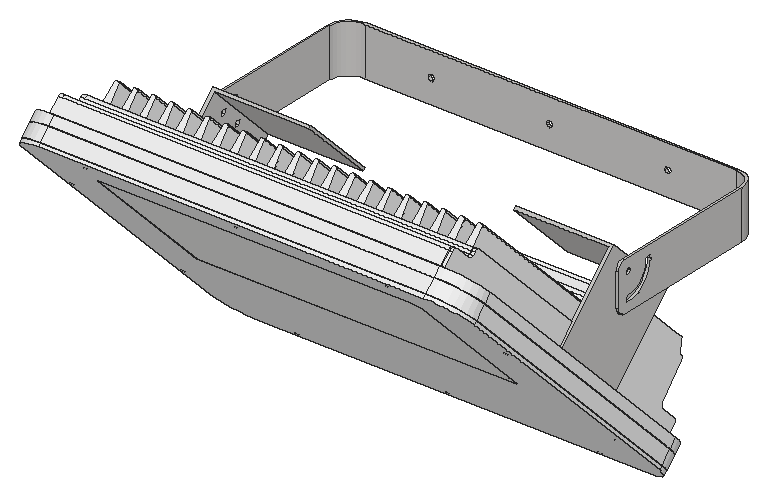
Revit family "FT ATEX LED MAX_2021", category Luminarias, Revit 2021 (continued)
Types (12, lengths in mm): name | Wattage | Power | Position | Archivo de red fotométrica | built-in parameter 1150142 | Modules | Lumens | built-in parameter 1150105 | built-in parameter 1150106 | Equiv MH
    \t10207.8202\t9675.1658\t9177.7653\t8731.0022\t8304.5369\t7905.42\t7503.9529\t7067.8728\r\n6569.404\t6002.9914\t5369.4895\t4778.0786\t4197.778\t3590.3426\t2999.7864\t2363.2933\t1661.8475\t962.752\r\n455.7368\t233.5304\t180.97\t156.6128\t144.6478\t132.2555\t121.9999\t113.0261\t104.4797\t97.2153\r\n92.0875\t86.9596\t80.5498\t74.781\t70.9351\t66.0209\t0\t0\t0\t0\r\n0\t0\t0\t0\t0\t0\t0\t0\t0\t0\r\n0\t0\t0\t0\t0\t0\t0\t0\t0\t0\r\n0\t0\t0\t0\t0\t0\t0\t0\t0\t0\r\n0\t0\t0\t0\t0\t0\t0\t0\t0\t0\r\n0\r\n12367.0681\t12414.5006\t12446.977\t12451.6775\t12406.3816\t12309.8072\t12182.4659\t12009.8286\t11784.4173\t11496.6173\r\n11144.0783\t10740.0472\t10238.5872\t9700.805\t9198.704\t8738.4803\t8313.9379\t7909.0522\t7511.2173\t7083.47\r\n6576.0275\t6003.4187\t5382.0954\t4804.3588\t4222.9899\t3615.5545\t3030.1261\t2387.6505\t1709.28\t1023.2177\r\n483.9399\t246.991\t187.3798\t160.0313\t146.1434\t133.1102\t121.1452\t113.8808\t104.6934\t97.8563\r\n92.5148\t87.1733\t80.9771\t75.2083\t70.7215\t68.5849\t0\t0\t0\t0\r\n0\t0\t0\t0\t0\t0\t0\t0\t0\t0\r\n0\t0\t0\t0\t0\t0\t0\t0\t0\t0\r\n0\t0\t0\t0\t0\t0\t0\t0\t0\t0\r\n0\t0\t0\t0\t0\t0\t0\t0\t0\t0\r\n0\r\n12374.5462\t12421.3378\t12451.6775\t12454.2414\t12407.6635\t12315.3624\t12195.2855\t12030.5536\t11815.398\t11524.6067\r\n11154.1203\t10740.0472\t10240.7238\t9690.5493\t9192.7215\t8731.6432\t8304.5369\t7904.779\t7503.9529\t7071.2914\r\n6571.1133\t5997.8635\t5385.514\t4792.6075\t4214.6572\t3596.9661\t3013.247\t2384.4456\t1724.6635\t1046.293\r\n493.3409\t258.7423\t193.3623\t163.8772\t148.7074\t134.8195\t123.9228\t116.0174\t106.4027\t99.3519\r\n94.0104\t88.6689\t82.9001\t77.3449\t73.2854\t70.0805\t0\t0\t0\t0\r\n0\t0\t0\t0\t0\t0\t0\t0\t0\t0\r\n0\t0\t0\t0\t0\t0\t0\t0\t0\t0\r\n0\t0\t0\t0\t0\t0\t0\t0\t0\t0\r\n0\t0\t0\t0\t0\t0\t0\t0\t0\t0\r\n0\r\n12369.2047\t12418.1329\t12444.8404\t12448.2589\t12406.8089\t12323.2678\t12201.9089\t12050.2103\t11844.0284\t11551.7416\r\n11179.3322\t10760.3449\t10270.6362\t9712.129\t9212.5919\t8754.2912\t8323.7663\t7924.2221\t7518.0544\t7089.2388\r\n6573.2499\t6006.8372\t5400.8975\t4812.6915\t4225.5538\t3613.2043\t3035.4676\t2415.4263\t1779.3605\t1111.4593\r\n535.8593\t276.0487\t202.5497\t169.0051\t152.7669\t137.3834\t130.1189\t118.3676\t107.2573\t100.2065\r\n94.865\t89.3099\t83.7547\t77.3449\t73.499\t70.9351\t0\t0\t0\t0\r\n0\t0\t0\t0\t0\t0\t0\t0\t0\t0\r\n0\t0\t0\t0\t0\t0\t0\t0\t0\t0\r\n0\t0\t0\t0\t0\t0\t0\t0\t0\t0\r\n0\t0\t0\t0\t0\t0\t0\t0\t0\t0\r\n0\r\n12368.5637\t12421.3378\t12442.4901\t12443.5584\t12399.7581\t12322.8405\t12205.1138\t12048.5011\t11840.3962\t11541.0586\r\n11168.0082\t10744.7477\t10260.5942\t9705.9328\t9207.0367\t8752.5819\t8328.4668\t7920.5899\t7508.6534\t7066.1635\r\n6555.5161\t5996.7952\t5395.1287\t4804.7861\t4217.4347\t3590.3426\t3027.1349\t2410.9394\t1769.7458\t1126.4155\r\n544.833\t281.1766\t207.6775\t172.6373\t155.5445\t142.5112\t139.9473\t119.4359\t108.9666\t102.5568\r\n96.5743\t90.5918\t85.2503\t79.0542\t74.781\t72.0034\t0\t0\t0\t0\r\n0\t0\t0\t0\t0\t0\t0\t0\t0\t0\r\n0\t0\t0\t0\t0\t0\t0\t0\t0\t0\r\n0\t0\t0\t0\t0\t0\t0\t0\t0\t0\r\n0\t0\t0\t0\t0\t0\t0\t0\t0\t0\r\n0\r\n12368.1364\t12422.8334\t12444.8404\t12443.3447\t12397.8352\t12326.4727\t12211.7373\t12057.2611\t11836.123\t11541.0586\r\n11171.6404\t10759.2766\t10273.2001\t9728.1535\t9228.4027\t8772.8796\t8348.3372\t7940.6739\t7522.7549\t7084.7519\r\n6564.2762\t6016.6656\t5415.8537\t4809.7003\t4238.1598\t3610.213\t3046.5779\t2437.8606\t1798.8035\t1154.1913\r\n573.4634\t288.2273\t210.6688\t174.7739\t157.4674\t144.0068\t142.0839\t119.0086\t107.471\t101.2748\r\n95.0787\t89.3099\t82.9001\t77.3449\t72.8581\t70.9351\t0\t0\t0\t0\r\n0\t0\t0\t0\t0\t0\t0\t0\t0\t0\r\n0\t0\t0\t0\t0\t0\t0\t0\t0\t0\r\n0\t0\t0\t0\t0\t0\t0\t0\t0\t0\r\n0\t0\t0\t0\t0\t0\t0\t0\t0\t0\r\n0\r\n12371.9823\t12425.8246\t12443.5584\t12435.4393\t12388.0068\t12314.7214\t12199.345\t12039.741\t11814.116\t11513.2828\r\n11140.8734\t10733.2101\t10245.638\t9707.8558\t9214.3012\t8760.701\t8338.2952\t7922.9401\t7504.8075\t7054.6259\r\n6551.0293\t6014.7427\t5405.8117\t4799.8719\t4210.1703\t3592.2656\t3022.007\t2419.9132\t1778.7195\t1137.0985\r\n562.5668\t273.6985\t205.9682\t173.2783\t155.3308\t142.5112\t136.1014\t114.5218\t104.4797\t98.7109\r\n92.5148\t86.9596\t80.9771\t75.8493\t71.1488\t68.5849\t0\t0\t0\t0\r\n0\t0\t0\t0\t0\t0\t0\t0\t0\t0\r\n0\t0\t0\t0\t0\t0\t0\t0\t0\t0\r\n0\t0\t0\t0\t0\t0\t0\t0\t0\t0\r\n0\t0\t0\t0\t0\t0\t0\t0\t0\t0\r\n0\r\n12371.7686\t12425.1836\t12446.977\t12430.7388\t12387.5795\t12316.0034\t12197.2084\t12038.2454\t11804.715\t11507.7276\r\n11139.8051\t10730.2189\t10251.1931\t9721.7437\t9227.1208\t8770.5293\t8351.7557\t7928.2816\t7511.6446\t7069.3684\r\n6558.5074\t6020.5115\t5421.1952\t4812.9052\t4221.7079\t3616.4092\t3038.2452\t2448.9709\t1807.7773\t1164.0197\r\n577.3093\t261.3062\t197.8492\t169.646\t151.6986\t136.5287\t123.7091\t107.6846\t98.4973\t93.1558\r\n87.8143\t82.6864\t77.3449\t71.7898\t67.5166\t66.0209\t0\t0\t0\t0\r\n0\t0\t0\t0\t0\t0\t0\t0\t0\t0\r\n0\t0\t0\t0\t0\t0\t0\t0\t0\t0\r\n0\t0\t0\t0\t0\t0\t0\t0\t0\t0\r\n0\t0\t0\t0\t0\t0\t0\t0\t0\t0\r\n0\r\n12369.8457\t12421.1241\t12441.4218\t12423.9017\t12376.2555\t12301.9018\t12180.3293\t12016.6657\t11778.4348\t11471.4054\r\n11107.5424\t10695.8196\t10223.4173\t9697.6001\t9205.7548\t8755.3595\t8331.8854\t7910.1205\t7485.5781\t7043.9429\r\n6551.8839\t6014.7427\t5401.5385\t4789.1889\t4194.3595\t3596.7524\t3014.5289\t2428.2459\t1787.4796\t1157.8235\r\n560.4302\t243.9997\t187.3798\t164.3045\t147.2117\t128.837\t111.3169\t101.4885\t95.2924\t90.3782\r\n85.8913\t81.1908\t76.2766\t70.9351\t66.4483\t63.8843\t0\t0\t0\t0\r\n0\t0\t0\t0\t0\t0\t0\t0\t0\t0\r\n0\t0\t0\t0\t0\t0\t0\t0\t0\t0\r\n0\t0\t0\t0\t0\t0\t0\t0\t0\t0\r\n0\t0\t0\t0\t0\t0\t0\t0\t0\t0\r\n0\r\n12369.632\t12421.3378\t12442.4901\t12427.3202\t12376.8965\t12301.9018\t12183.3205\t12018.5887\t11783.7763\t11471.4054\r\n11104.3375\t10694.1103\t10223.2037\t9701.0186\t9213.6602\t8761.1283\t8339.1498\t7920.1625\t7497.1157\t7062.9586\r\n6559.7893\t6026.0666\t5421.8362\t4802.2222\t4214.6572\t3616.8365\t3035.254\t2453.0305\t1810.7685\t1189.4452\r\n586.924\t241.2221\t183.3203\t161.7406\t145.2888\t125.4184\t106.6163\t98.7109\t93.1558\t88.4552\r\n84.182\t79.2679\t74.14\t68.7985\t65.38\t63.457\t0\t0\t0\t0\r\n0\t0\t0\t0\t0\t0\t0\t0\t0\t0\r\n0\t0\t0\t0\t0\t0\t0\t0\t0\t0\r\n0\t0\t0\t0\t0\t0\t0\t0\t0\t0\r\n0\t0\t0\t0\t0\t0\t0\t0\t0\t0\r\n0\r\n12370.0594\t12422.4061\t12444.8404\t12422.8334\t12370.4867\t12284.5954\t12170.2873\t12002.3505\t11767.1108\t11444.4842\r\n11071.8612\t10663.3433\t10177.6941\t9659.1413\t9177.5516\t8726.5154\t8313.2969\t7893.8824\t7468.699\t7034.1145\r\n6551.2429\t6011.3241\t5404.5297\t4787.9069\t4202.6922\t3605.7262\t3006.4099\t2426.5366\t1783.6337\t1171.7114\r\n579.4459\t239.9402\t182.252\t161.7406\t145.7161\t126.7004\t108.112\t99.5656\t93.7967\t89.0962\r\n84.6094\t79.9088\t74.781\t70.0805\t66.4483\t63.457\t0\t0\t0\t0\r\n0\t0\t0\t0\t0\t0\t0\t0\t0\t0\r\n0\t0\t0\t0\t0\t0\t0\t0\t0\t0\r\n0\t0\t0\t0\t0\t0\t0\t0\t0\t0\r\n0\t0\t0\t0\t0\t0\t0\t0\t0\t0\r\n0\r\n12369.2047\t12422.8334\t12445.9087\t12423.4744\t12362.7949\t12272.8441\t12162.3818\t11996.1544\t11754.5049\t11438.9291\r\n11059.0416\t10642.8319\t10159.3193\t9647.1763\t9166.014\t8725.8744\t8312.2286\t7899.0102\t7477.2454\t7040.9516\r\n6549.5336\t6015.5973\t5421.1952\t4806.2817\t4219.3577\t3611.2813\t3015.5972\t2437.8606\t1801.7948\t1190.2999\r\n607.2217\t250.6232\t186.7388\t163.4499\t146.9981\t131.8282\t113.6671\t102.7705\t94.865\t89.3099\r\n84.6094\t79.9088\t75.2083\t70.2941\t66.8756\t64.5253\t0\t0\t0\t0\r\n0\t0\t0\t0\t0\t0\t0\t0\t0\t0\r\n0\t0\t0\t0\t0\t0\t0\t0\t0\t0\r\n0\t0\t0\t0\t0\t0\t0\t0\t0\t0\r\n0\t0\t0\t0\t0\t0\t0\t0\t0\t0\r\n0\r\n12371.1277\t12424.7563\t12446.977\t12420.4831\t12350.83\t12258.9562\t12137.17\t11967.0966\t11722.0286\t11401.5386\r\n11019.0872\t10595.8267\t10102.6994\t9598.4618\t9127.3415\t8701.3035\t8291.0763\t7883.1994\t7458.8706\t7015.0988\r\n6539.4916\t6003.205\t5412.0078\t4810.5549\t4221.067\t3598.4617\t2995.5132\t2407.3072\t1766.9682\t1156.5416\r\n585.6421\t253.4008\t188.8754\t164.7319\t148.7074\t137.8107\t120.2906\t107.6846\t98.9246\t93.5831\r\n87.8143\t83.1137\t78.6269\t73.499\t69.6532\t67.7302\t0\t0\t0\t0\r\n0\t0\t0\t0\t0\t0\t0\t0\t0\t0\r\n0\t0\t0\t0\t0\t0\t0\t0\t0\t0\r\n0\t0\t0\t0\t0\t0\t0\t0\t0\t0\r\n0\t0\t0\t0\t0\t0\t0\t0\t0\t0\r\n0\r\n12364.9315\t12416.8509\t12440.1398\t12414.287\t12343.3519\t12242.9317\t12109.1805\t11936.9705\t11694.0391\t11377.1813\r\n11000.4988\t10572.5378\t10074.2827\t9580.5144\t9120.7181\t8695.5347\t8290.008\t7887.8999\t7466.9897\t7031.5506\r\n6535.0048\t6005.128\t5416.7083\t4819.1013\t4244.5696\t3622.3916\t3018.1612\t2418.6312\t1774.4463\t1143.5083\r\n581.5825\t258.9559\t191.653\t165.5865\t148.7074\t138.4517\t124.1365\t110.8895\t102.1295\t96.788\r\n90.8055\t85.6777\t80.7635\t75.2083\t71.1488\t70.7215\t0\t0\t0\t0\r\n0\t0\t0\t0\t0\t0\t0\t0\t0\t0\r\n0\t0\t0\t0\t0\t0\t0\t0\t0\t0\r\n0\t0\t0\t0\t0\t0\t0\t0\t0\t0\r\n0\t0\t0\t0\t0\t0\t0\t0\t0\t0\r\n0\r\n12370.0594\t12418.7738\t12437.7896\t12406.5952\t12330.1049\t12219.6427\t12072.431\t11890.3927\t11648.3159\t11331.4581\r\n10956.6985\t10522.5413\t10026.8501\t9545.6878\t9087.1735\t8670.3228\t8271.4196\t7868.2432\t7450.7515\t7017.8764\r\n6530.3042\t5996.1542\t5411.1532\t4823.1608\t4247.9881\t3620.0414\t3010.6831\t2391.2827\t1728.0821\t1081.3333\r\n541.4144\t251.6915\t189.0891\t163.8772\t147.6391\t139.0927\t126.7004\t112.8125\t104.6934\t99.7792\r\n93.7967\t88.6689\t83.5411\t77.7722\t73.499\t73.9264\t0\t0\t0\t0\r\n0\t0\t0\t0\t0\t0\t0\t0\t0\t0\r\n0\t0\t0\t0\t0\t0\t0\t0\t0\t0\r\n0\t0\t0\t0\t0\t0\t0\t0\t0\t0\r\n0\t0\t0\t0\t0\t0\t0\t0\t0\t0\r\n0\r\n12368.9911\t12414.5006\t12432.0208\t12397.8352\t12317.9263\t12196.1401\t12041.8776\t11853.4295\t11613.703\t11291.931\r\n10927.8544\t10500.5344\t10008.689\t9527.0994\t9077.7724\t8665.8359\t8264.5825\t7864.1836\t7461.0072\t7029.2003\r\n6539.0643\t6003.6323\t5430.1689\t4847.9454\t4281.3191\t3656.1499\t3039.3135\t2413.717\t1721.8859\t1055.0531\r\n529.6631\t254.2554\t189.9437\t163.0226\t146.1434\t134.1785\t127.1277\t112.5988\t104.9071\t99.5656\r\n93.3694\t87.8143\t82.4728\t77.1313\t72.0034\t74.14\t0\t0\t0\t0\r\n0\t0\t0\t0\t0\t0\t0\t0\t0\t0\r\n0\t0\t0\t0\t0\t0\t0\t0\t0\t0\r\n0\t0\t0\t0\t0\t0\t0\t0\t0\t0\r\n0\t0\t0\t0\t0\t0\t0\t0\t0\t0\r\n0\r\n12368.9911\t12409.5865\t12422.6197\t12385.4429\t12297.2013\t12167.7233\t12001.2822\t11804.5013\t11543.6225\t11233.6018\r\n10868.6705\t10446.692\t9965.3161\t9486.0767\t9042.7322\t8632.9323\t8235.7384\t7837.9034\t7432.3768\t7002.0655\r\n6536.2867\t6000.4274\t5425.8957\t4852.8596\t4272.9863\t3654.6543\t3037.8179\t2385.5139\t1674.4534\t989.4595\r\n493.3409\t252.5461\t188.2345\t160.4587\t144.6478\t131.8282\t125.8457\t112.8125\t105.3344\t99.7792\r\n93.5831\t88.2416\t82.6864\t77.3449\t72.8581\t72.4307\t0\t0\t0\t0\r\n0\t0\t0\t0\t0\t0\t0\t0\t0\t0\r\n0\t0\t0\t0\t0\t0\t0\t0\t0\t0\r\n0\t0\t0\t0\t0\t0\t0\t0\t0\t0\r\n0\t0\t0\t0\t0\t0\t0\t0\t0\t0\r\n0\r\n12370.273\t12412.364\t12416.6372\t12377.9648\t12284.5954\t12146.571\t11971.1561\t11764.5469\t11499.3949\t11193.6474\r\n10839.8264\t10420.8392\t9939.4632\t9476.462\t9032.6902\t8624.1722\t8231.8925\t7835.1259\t7425.5396\t7010.6119\r\n6536.2867\t6006.6236\t5440.2109\t4870.3797\t4293.0704\t3687.3443\t3074.9947\t2413.076\t1686.2047\t978.5628\r\n499.1098\t260.6652\t191.2257\t160.6723\t143.7932\t130.5463\t123.7091\t111.9578\t104.2661\t98.4973\r\n92.5148\t86.746\t80.7635\t75.2083\t70.2941\t70.9351\t0\t0\t0\t0\r\n0\t0\t0\t0\t0\t0\t0\t0\t0\t0\r\n0\t0\t0\t0\t0\t0\t0\t0\t0\t0\r\n0\t0\t0\t0\t0\t0\t0\t0\t0\t0\r\n0\t0\t0\t0\t0\t0\t0\t0\t0\t0\r\n0\r\n12368.9911\t12405.0996\t12404.0313\t12362.3676\t12262.1611\t12113.881\t11930.5607\t11715.8324\t11446.8345\t11139.5914\r\n10782.5656\t10354.8182\t9878.9974\t9429.6704\t8994.8723\t8586.9954\t8200.9118\t7800.0856\t7400.9687\t6987.323\r\n6528.1676\t5991.4537\t5429.5279\t4863.7562\t4289.2245\t3690.5492\t3065.38\t2409.2302\t1665.0524\t946.5138\r\n481.8033\t259.5969\t190.5847\t159.1767\t144.0068\t130.1189\t121.1452\t112.3852\t104.4797\t98.0699\r\n92.3011\t86.9596\t80.7635\t74.9947\t70.7215\t69.2258\t0\t0\t0\t0\r\n0\t0\t0\t0\t0\t0\t0\t0\t0\t0\r\n0\t0\t0\t0\t0\t0\t0\t0\t0\t0\r\n0\t0\t0\t0\t0\t0\t0\t0\t0\t0\r\n0\t0\t0\t0\t0\t0\t0\t0\t0\t0\r\n0\r\n12371.555\t12401.681\t12396.9805\t12349.9753\t12246.5639\t12095.9336\t11910.904\t11691.2615\t11420.9816\t11111.3883\r\n10750.9439\t10318.7097\t9844.8118\t9400.399\t8983.762\t8584.8588\t8194.7156\t7802.8632\t7404.3873\t6991.5962\r\n6518.5529\t5992.7357\t5437.4333\t4874.8666\t4319.3506\t3719.1796\t3101.7022\t2440.2109\t1710.3483\t984.5453\r\n493.3409\t266.2204\t192.935\t160.4587\t143.3659\t129.9053\t118.795\t112.1715\t103.6251\t97.8563\r\n91.6601\t86.105\t80.7635\t74.3537\t70.2941\t69.2258\t0\t0\t0\t0\r\n0\t0\t0\t0\t0\t0\t0\t0\t0\t0\r\n0\t0\t0\t0\t0\t0\t0\t0\t0\t0\r\n0\t0\t0\t0\t0\t0\t0\t0\t0\t0\r\n0\t0\t0\t0\t0\t0\t0\t0\t0\t0\r\n0\r\n12368.9911\t12395.6986\t12384.3746\t12332.0279\t12223.0613\t12066.2348\t11882.2736\t11662.4174\t11384.2321\t11057.7596\r\n10692.8284\t10241.1511\t9776.8679\t9346.7704\t8938.8934\t8551.9552\t8167.7945\t7778.9333\t7386.0125\t6965.957\r\n6505.947\t5977.9931\t5425.682\t4863.3289\t4305.89\t3711.0605\t3085.6777\t2426.7503\t1702.0156\t995.4419\r\n494.4092\t261.3062\t191.2257\t160.245\t143.7932\t130.3326\t121.7862\t113.0261\t105.3344\t98.7109\r\n93.5831\t88.4552\t82.6864\t76.7039\t72.0034\t70.0805\t0\t0\t0\t0\r\n0\t0\t0\t0\t0\t0\t0\t0\t0\t0\r\n0\t0\t0\t0\t0\t0\t0\t0\t0\t0\r\n0\t0\t0\t0\t0\t0\t0\t0\t0\t0\r\n0\t0\t0\t0\t0\t0\t0\t0\t0\t0\r\n0\r\n12371.555\t12390.1434\t12373.4779\t12316.4307\t12203.4046\t12047.8601\t11871.8042\t11652.3754\t11371.8398\t11038.3166\r\n10656.0788\t10196.0689\t9738.8365\t9318.1399\t8910.6903\t8537.8536\t8173.136\t7786.1977\t7392.4223\t6974.0761\r\n6493.982\t5974.5746\t5426.5367\t4880.2081\t4323.1964\t3734.9905\t3111.3169\t2453.2441\t1756.4989\t1055.9077\r\n526.2446\t267.5023\t192.935\t161.7406\t143.3659\t130.3326\t123.2818\t111.9578\t104.6934\t98.2836\r\n92.9421\t88.4552\t83.1137\t77.7722\t73.499\t71.3624\t0\t0\t0\t0\r\n0\t0\t0\t0\t0\t0\t0\t0\t0\t0\r\n0\t0\t0\t0\t0\t0\t0\t0\t0\t0\r\n0\t0\t0\t0\t0\t0\t0\t0\t0\t0\r\n0\t0\t0\t0\t0\t0\t0\t0\t0\t0\r\n0\r\n12368.7774\t12381.8107\t12357.6671\t12295.9193\t12173.0648\t12017.9477\t11844.0284\t11623.9586\t11334.4493\t10997.0802\r\n10589.4169\t10118.2966\t9669.6106\t9264.7249\t8881.6325\t8508.3685\t8143.2236\t7768.0366\t7370.2017\t6948.0095\r\n6487.1449\t5958.1228\t5406.6663\t4863.5426\t4313.3681\t3711.4879\t3085.2504\t2427.1776\t1759.0628\t1067.659\r\n531.5861\t266.2204\t191.2257\t161.7406\t144.6478\t132.8965\t126.2731\t112.5988\t104.9071\t98.4973\r\n93.1558\t89.0962\t84.6094\t80.3362\t76.063\t71.5761\t0\t0\t0\t0\r\n0\t0\t0\t0\t0\t0\t0\t0\t0\t0\r\n0\t0\t0\t0\t0\t0\t0\t0\t0\t0\r\n0\t0\t0\t0\t0\t0\t0\t0\t0\t0\r\n0\t0\t0\t0\t0\t0\t0\t0\t0\t0\r\n0\r\n12367.7091\t12377.1101\t12347.8387\t12278.8265\t12151.0579\t11997.65\t11826.722\t11603.8746\t11316.7156\t10966.5268\r\n10540.7024\t10076.8466\t9637.7753\t9237.3764\t8861.1212\t8501.3177\t8139.805\t7768.6776\t7376.6115\t6955.274\r\n6476.2483\t5958.1228\t5410.5122\t4863.5426\t4310.3768\t3722.8118\t3107.471\t2444.6977\t1782.779\t1123.6379\r\n564.7034\t273.9121\t192.935\t163.2362\t145.7161\t135.8878\t127.1277\t112.1715\t104.0524\t97.8563\r\n91.0192\t86.5323\t82.2591\t77.9859\t74.9947\t69.4395\t0\t0\t0\t0\r\n0\t0\t0\t0\t0\t0\t0\t0\t0\t0\r\n0\t0\t0\t0\t0\t0\t0\t0\t0\t0\r\n0\t0\t0\t0\t0\t0\t0\t0\t0\t0\r\n0\t0\t0\t0\t0\t0\t0\t0\t0\t0\r\n0\r\n12372.4096\t12372.4096\t12337.583\t12255.7513\t12124.564\t11970.7288\t11797.2369\t11571.6119\t11272.9153\t10906.702\r\n10471.9039\t10011.0393\t9587.3515\t9193.5761\t8825.8673\t8472.4736\t8109.2516\t7739.4062\t7353.1089\t6925.1479\r\n6464.0696\t5943.3802\t5395.556\t4849.2274\t4291.3611\t3696.1043\t3082.2592\t2420.9815\t1758.6355\t1118.0828\r\n556.798\t268.9979\t190.1574\t162.1679\t146.1434\t137.3834\t123.2818\t110.6759\t102.9841\t96.147\r\n89.3099\t84.182\t79.4815\t76.063\t73.9264\t68.3712\t0\t0\t0\t0\r\n0\t0\t0\t0\t0\t0\t0\t0\t0\t0\r\n0\t0\t0\t0\t0\t0\t0\t0\t0\t0\r\n0\t0\t0\t0\t0\t0\t0\t0\t0\t0\r\n0\t0\t0\t0\t0\t0\t0\t0\t0\t0\r\n0\r\n12370.273\t12365.5725\t12321.1312\t12239.5131\t12099.9931\t11944.6623\t11765.8289\t11535.5034\t11235.7384\t10866.3203\r\n10433.6588\t9975.9991\t9558.0801\t9173.7058\t8813.6887\t8463.2863\t8104.3375\t7732.9964\t7349.4767\t6929.2075\r\n6451.891\t5937.3977\t5399.1882\t4852.2186\t4301.8304\t3704.8644\t3101.2749\t2436.5786\t1774.019\t1133.4663\r\n574.1044\t270.9209\t188.8754\t160.4587\t145.5025\t135.2468\t119.2223\t105.7617\t98.2836\t91.6601\r\n85.8913\t80.7635\t76.2766\t72.0034\t69.8668\t66.0209\t0\t0\t0\t0\r\n0\t0\t0\t0\t0\t0\t0\t0\t0\t0\r\n0\t0\t0\t0\t0\t0\t0\t0\t0\t0\r\n0\t0\t0\t0\t0\t0\t0\t0\t0\t0\r\n0\t0\t0\t0\t0\t0\t0\t0\t0\t0\r\n0\r\n12372.4096\t12360.872\t12308.5253\t12214.5149\t12068.3714\t11912.186\t11721.8149\t11475.4649\t11171.6404\t10804.9999\r\n10368.4925\t9917.6699\t9518.553\t9139.0928\t8786.9812\t8430.8099\t8073.3568\t7709.4938\t7321.2736\t6902.5\r\n6435.2255\t5926.0738\t5384.0183\t4838.3307\t4285.165\t3690.3355\t3069.4396\t2401.1111\t1743.8929\t1112.7413\r\n551.2428\t259.5969\t183.3203\t157.4674\t144.2205\t131.4009\t114.5218\t101.9158\t95.7197\t90.5918\r\n85.464\t80.5498\t74.9947\t70.7215\t67.0892\t63.6707\t0\t0\t0\t0\r\n0\t0\t0\t0\t0\t0\t0\t0\t0\t0\r\n0\t0\t0\t0\t0\t0\t0\t0\t0\t0\r\n0\t0\t0\t0\t0\t0\t0\t0\t0\t0\r\n0\t0\t0\t0\t0\t0\t0\t0\t0\t0\r\n0\r\n12372.4096\t12349.3343\t12291.4325\t12185.8844\t12032.9039\t11869.2403\t11661.7765\t11406.4528\t11093.4409\t10733.2101\r\n10289.2246\t9858.9134\t9469.6249\t9095.0789\t8739.5486\t8388.2916\t8029.9838\t7664.4115\t7279.3962\t6858.2723\r\n6393.1345\t5885.2647\t5348.5508\t4820.1696\t4251.6203\t3648.4582\t3023.7163\t2356.8835\t1693.8965\t1071.5049\r\n522.826\t237.8036\t167.0821\t144.2205\t130.9736\t114.3081\t101.9158\t89.3099\t83.5411\t78.8405\r\n73.0717\t69.4395\t64.098\t59.6111\t55.9789\t52.9877\t0\t0\t0\t0\r\n0\t0\t0\t0\t0\t0\t0\t0\t0\t0\r\n0\t0\t0\t0\t0\t0\t0\t0\t0\t0\r\n0\t0\t0\t0\t0\t0\t0\t0\t0\t0\r\n0\t0\t0\t0\t0\t0\t0\t0\t0\t0\r\n0\r\n12372.4096\t12344.4202\t12278.1856\t12167.296\t12011.9652\t11838.6869\t11621.822\t11359.0202\t11048.3586\t10694.7513\r\n10254.6117\t9838.8293\t9449.3272\t9079.6954\t8727.7973\t8376.9676\t8024.0013\t7659.711\t7274.9093\t6861.4772\r\n6390.7843\t5883.5554\t5353.0376\t4833.2029\t4263.5853\t3656.5772\t3031.4081\t2370.7714\t1707.7844\t1087.9567\r\n539.2778\t238.4446\t167.0821\t143.1522\t129.9053\t116.6584\t107.6846\t88.2416\t82.0454\t77.1313\r\n71.5761\t67.9439\t63.2434\t58.1155\t54.9106\t52.3467\t0\t0\t0\t0\r\n0\t0\t0\t0\t0\t0\t0\t0\t0\t0\r\n0\t0\t0\t0\t0\t0\t0\t0\t0\t0\r\n0\t0\t0\t0\t0\t0\t0\t0\t0\t0\r\n0\t0\t0\t0\t0\t0\t0\t0\t0\t0\r\n0\r\n12373.6916\t12336.7284\t12262.1611\t12141.2295\t11983.7621\t11797.2369\t11569.4753\t11301.332\t10987.2518\t10636.8494\r\n10196.2825\t9795.4564\t9411.2957\t9043.5868\t8694.68\t8347.9099\t7996.6528\t7630.0123\t7249.4838\t6839.0429\r\n6385.8701\t5870.0948\t5344.2776\t4817.392\t4249.0564\t3640.9801\t3002.3503\t2341.7136\t1684.0681\t1051.8482\r\n513.2113\t232.8894\t164.3045\t142.0839\t129.478\t11
